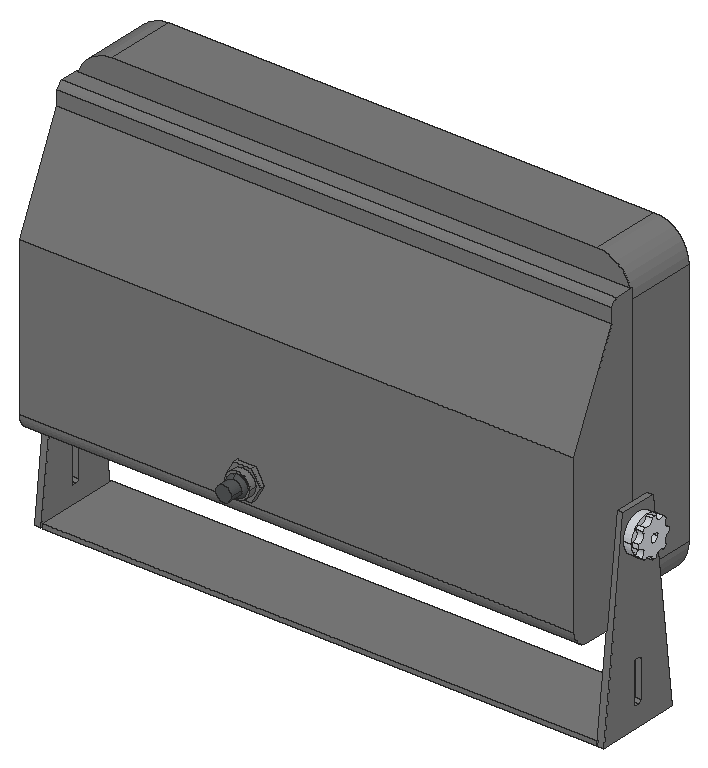
Revit family "WALL WASHER PRO_LV363WW.60", category Luminarias, Revit 2019 (continued)
Forms (mm)
  Extrusion 6, solid
    sketch origin (-19.132, 0, -81.925) x (0, 1, 0) y (0, 0, 1)
      loop
        arc (-11.7, 212.051) -> (-10.607, 210.832) -> (-9.387, 209.739) r 15
        arc (-9.387, 209.739) -> (-4.461, 210.669) -> (-1.635, 206.528) r 4.579
        arc (-1.635, 206.528) -> (0, 206.438) -> (1.635, 206.528) r 15
        arc (1.635, 206.528) -> (4.461, 210.669) -> (9.387, 209.739) r 4.579
        arc (9.387, 209.739) -> (10.607, 210.832) -> (11.7, 212.051) r 15
        arc (11.7, 212.051) -> (10.77, 216.977) -> (14.911, 219.803) r 4.579
      loop
        circle (0, 221.438) r 3.632
    from -220.417 to -214.676
  Extrusion 7, solid
    sketch origin (19.132, 0, -2.987) x (0, 1, 0) y (0, 0, 1)
      loop
        circle (0, 142.5) r 15
    from 207.368 to 214.676
  Extrusion 8, solid
    sketch origin (19.132, 0, -81.925) x (0, 1, 0) y (0, 0, -1)
      loop
        arc (14.911, -219.803) -> (10.77, -216.977) -> (11.7, -212.051) r 4.579
        arc (11.7, -212.051) -> (10.607, -210.832) -> (9.387, -209.739) r 15
        arc (9.387, -209.739) -> (4.461, -210.669) -> (1.635, -206.528) r 4.579
        arc (1.635, -206.528) -> (0, -206.438) -> (-1.635, -206.528) r 15
        arc (-1.635, -206.528) -> (-4.461, -210.669) -> (-9.387, -209.739) r 4.579
        arc (-9.387, -209.739) -> (-10.607, -210.832) -> (-11.7, -212.051) r 15
        arc (-11.7, -212.051) -> (-10.77, -216.977) -> (-14.911, -219.803) r 4.579
        arc (-14.911, -219.803) -> (-15, -221.438) -> (-14.911, -223.073) r 15
        arc (-14.911, -223.073) -> (-10.77, -225.899) -> (-11.7, -230.825) r 4.579
        arc (-11.7, -230.825) -> (-10.607, -232.045) -> (-9.387, -233.138) r 15
        arc (-9.387, -233.138) -> (-4.461, -232.208) -> (-1.635, -236.349) r 4.579
        arc (-1.635, -236.349) -> (0, -236.438) -> (1.635, -236.349) r 15
        arc (1.635, -236.349) -> (4.461, -232.208) -> (9.387, -233.138) r 4.579
        arc (9.387, -233.138) -> (10.607, -232.045) -> (11.7, -230.825) r 15
        arc (11.7, -230.825) -> (10.77, -225.899) -> (14.911, -223.073) r 4.579
        arc (14.911, -223.073) -> (15, -221.438) -> (14.911, -219.803) r 15
      loop
        circle (0, -221.438) r 3.632
    from -220.417 to -214.676
  Revolve 9, solid
    sketch origin (129.972, -248.577, 269.956) x (-1, 0, 0) y (0, -1, 0)
      loop
        line (-30.028, -289.911) -> (-30.028, -286.113) -> (-40.845, -286.113)
        arc (-40.845, -286.113) -> (-35.744, -288.888) -> (-30.028, -289.911) r 18.17
      axis (-30.028, -286.113) -> (-30.028, -289.911)
    angle from 0 to 360
  Revolve 10, solid
    sketch origin (-158.028, -248.577, 269.956) x (-1, 0, 0) y (0, -1, 0)
      loop
        line (-30.028, -289.911) -> (-30.028, -286.113) -> (-40.845, -286.113)
        arc (-40.845, -286.113) -> (-35.744, -288.888) -> (-30.028, -289.911) r 18.17
      axis (-30.028, -286.113) -> (-30.028, -289.911)
    angle from 0 to 360
  Revolve 11, solid
    sketch origin (-126.028, -248.577, 269.956) x (-1, 0, 0) y (0, -1, 0)
      loop
        line (-30.028, -289.911) -> (-30.028, -286.113) -> (-40.845, -286.113)
        arc (-40.845, -286.113) -> (-35.744, -288.888) -> (-30.028, -289.911) r 18.17
      axis (-30.028, -286.113) -> (-30.028, -289.911)
    angle from 0 to 360
  Revolve 12, solid
    sketch origin (-94.028, -248.577, 269.956) x (-1, 0, 0) y (0, -1, 0)
      loop
        line (-30.028, -289.911) -> (-30.028, -286.113) -> (-40.845, -286.113)
        arc (-40.845, -286.113) -> (-35.744, -288.888) -> (-30.028, -289.911) r 18.17
      axis (-30.028, -286.113) -> (-30.028, -289.911)
    angle from 0 to 360
  Revolve 13, solid
    sketch origin (-62.028, -248.577, 269.956) x (-1, 0, 0) y (0, -1, 0)
      loop
        line (-30.028, -289.911) -> (-30.028, -286.113) -> (-40.845, -286.113)
        arc (-40.845, -286.113) -> (-35.744, -288.888) -> (-30.028, -289.911) r 18.17
      axis (-30.028, -286.113) -> (-30.028, -289.911)
    angle from 0 to 360
  Revolve 14, solid
    sketch origin (-30.028, -248.577, 269.956) x (-1, 0, 0) y (0, -1, 0)
      loop
        line (-30.028, -289.911) -> (-30.028, -286.113) -> (-40.845, -286.113)
        arc (-40.845, -286.113) -> (-35.744, -288.888) -> (-30.028, -289.911) r 18.17
      axis (-30.028, -286.113) -> (-30.028, -289.911)
    angle from 0 to 360
  Revolve 15, solid
    sketch origin (1.972, -248.577, 269.956) x (-1, 0, 0) y (0, -1, 0)
      loop
        line (-30.028, -289.911) -> (-30.028, -286.113) -> (-40.845, -286.113)
        arc (-40.845, -286.113) -> (-35.744, -288.888) -> (-30.028, -289.911) r 18.17
      axis (-30.028, -286.113) -> (-30.028, -289.911)
    angle from 0 to 360
  Revolve 16, solid
    sketch origin (33.972, -248.577, 269.956) x (-1, 0, 0) y (0, -1, 0)
      loop
        line (-30.028, -289.911) -> (-30.028, -286.113) -> (-40.845, -286.113)
        arc (-40.845, -286.113) -> (-35.744, -288.888) -> (-30.028, -289.911) r 18.17
      axis (-30.028, -286.113) -> (-30.028, -289.911)
    angle from 0 to 360
  Revolve 17, solid
    sketch origin (65.972, -248.577, 269.956) x (-1, 0, 0) y (0, -1, 0)
      loop
        line (-30.028, -289.911) -> (-30.028, -286.113) -> (-40.845, -286.113)
        arc (-40.845, -286.113) -> (-35.744, -288.888) -> (-30.028, -289.911) r 18.17
      axis (-30.028, -286.113) -> (-30.028, -289.911)
    angle from 0 to 360
  Revolve 18, solid
    sketch origin (97.972, -248.577, 269.956) x (-1, 0, 0) y (0, -1, 0)
      loop
        line (-30.028, -289.911) -> (-30.028, -286.113) -> (-40.845, -286.113)
        arc (-40.845, -286.113) -> (-35.744, -288.888) -> (-30.028, -289.911) r 18.17
      axis (-30.028, -286.113) -> (-30.028, -289.911)
    angle from 0 to 360
  Revolve 19, solid
    sketch origin (-190.028, -248.577, 229.956) x (-1, 0, 0) y (0, -1, 0)
      loop
        line (-30.028, -289.911) -> (-30.028, -286.113) -> (-40.845, -286.113)
        arc (-40.845, -286.113) -> (-35.744, -288.888) -> (-30.028, -289.911) r 18.17
      axis (-30.028, -286.113) -> (-30.028, -289.911)
    angle from 0 to 360
  Revolve 20, solid
    sketch origin (129.972, -248.577, 229.956) x (-1, 0, 0) y (0, -1, 0)
      loop
        line (-30.028, -289.911) -> (-30.028, -286.113) -> (-40.845, -286.113)
        arc (-40.845, -286.113) -> (-35.744, -288.888) -> (-30.028, -289.911) r 18.17
      axis (-30.028, -286.113) -> (-30.028, -289.911)
    angle from 0 to 360
  Revolve 21, solid
    sketch origin (-158.028, -248.577, 229.956) x (-1, 0, 0) y (0, -1, 0)
      loop
        line (-30.028, -289.911) -> (-30.028, -286.113) -> (-40.845, -286.113)
        arc (-40.845, -286.113) -> (-35.744, -288.888) -> (-30.028, -289.911) r 18.17
      axis (-30.028, -286.113) -> (-30.028, -289.911)
    angle from 0 to 360
  Revolve 22, solid
    sketch origin (-126.028, -248.577, 229.956) x (-1, 0, 0) y (0, -1, 0)
      loop
        line (-30.028, -289.911) -> (-30.028, -286.113) -> (-40.845, -286.113)
        arc (-40.845, -286.113) -> (-35.744, -288.888) -> (-30.028, -289.911) r 18.17
      axis (-30.028, -286.113) -> (-30.028, -289.911)
    angle from 0 to 360
  Revolve 23, solid
    sketch origin (-94.028, -248.577, 229.956) x (-1, 0, 0) y (0, -1, 0)
      loop
        line (-30.028, -289.911) -> (-30.028, -286.113) -> (-40.845, -286.113)
        arc (-40.845, -286.113) -> (-35.744, -288.888) -> (-30.028, -289.911) r 18.17
      axis (-30.028, -286.113) -> (-30.028, -289.911)
    angle from 0 to 360
  Revolve 24, solid
    sketch origin (-62.028, -248.577, 229.956) x (-1, 0, 0) y (0, -1, 0)
      loop
        line (-30.028, -289.911) -> (-30.028, -286.113) -> (-40.845, -286.113)
        arc (-40.845, -286.113) -> (-35.744, -288.888) -> (-30.028, -289.911) r 18.17
      axis (-30.028, -286.113) -> (-30.028, -289.911)
    angle from 0 to 360
  Revolve 25, solid
    sketch origin (-30.028, -248.577, 229.956) x (-1, 0, 0) y (0, -1, 0)
      loop
        line (-30.028, -289.911) -> (-30.028, -286.113) -> (-40.845, -286.113)
        arc (-40.845, -286.113) -> (-35.744, -288.888) -> (-30.028, -289.911) r 18.17
      axis (-30.028, -286.113) -> (-30.028, -289.911)
    angle from 0 to 360
  Revolve 26, solid
    sketch origin (1.972, -248.577, 229.956) x (-1, 0, 0) y (0, -1, 0)
      loop
        line (-30.028, -289.911) -> (-30.028, -286.113) -> (-40.845, -286.113)
        arc (-40.845, -286.113) -> (-35.744, -288.888) -> (-30.028, -289.911) r 18.17
      axis (-30.028, -286.113) -> (-30.028, -289.911)
    angle from 0 to 360
  Revolve 27, solid
    sketch origin (33.972, -248.577, 229.956) x (-1, 0, 0) y (0, -1, 0)
      loop
        line (-30.028, -289.911) -> (-30.028, -286.113) -> (-40.845, -286.113)
        arc (-40.845, -286.113) -> (-35.744, -288.888) -> (-30.028, -289.911) r 18.17
      axis (-30.028, -286.113) -> (-30.028, -289.911)
    angle from 0 to 360
  Revolve 28, solid
    sketch origin (65.972, -248.577, 229.956) x (-1, 0, 0) y (0, -1, 0)
      loop
        line (-30.028, -289.911) -> (-30.028, -286.113) -> (-40.845, -286.113)
        arc (-40.845, -286.113) -> (-35.744, -288.888) -> (-30.028, -289.911) r 18.17
      axis (-30.028, -286.113) -> (-30.028, -289.911)
    angle from 0 to 360
  Revolve 29, solid
    sketch origin (97.972, -248.577, 229.956) x (-1, 0, 0) y (0, -1, 0)
      loop
        line (-30.028, -289.911) -> (-30.028, -286.113) -> (-40.845, -286.113)
        arc (-40.845, -286.113) -> (-35.744, -288.888) -> (-30.028, -289.911) r 18.17
      axis (-30.028, -286.113) -> (-30.028, -289.911)
    angle from 0 to 360
  Revolve 30, solid
    sketch origin (-190.028, -248.577, 189.956) x (-1, 0, 0) y (0, -1, 0)
      loop
        line (-30.028, -289.911) -> (-30.028, -286.113) -> (-40.845, -286.113)
        arc (-40.845, -286.113) -> (-35.744, -288.888) -> (-30.028, -289.911) r 18.17
      axis (-30.028, -286.113) -> (-30.028, -289.911)
    angle from 0 to 360
  Revolve 31, solid
    sketch origin (129.972, -248.577, 189.956) x (-1, 0, 0) y (0, -1, 0)
      loop
        line (-30.028, -289.911) -> (-30.028, -286.113) -> (-40.845, -286.113)
        arc (-40.845, -286.113) -> (-35.744, -288.888) -> (-30.028, -289.911) r 18.17
      axis (-30.028, -286.113) -> (-30.028, -289.911)
    angle from 0 to 360
  Revolve 32, solid
    sketch origin (-158.028, -248.577, 189.956) x (-1, 0, 0) y (0, -1, 0)
      loop
        line (-30.028, -289.911) -> (-30.028, -286.113) -> (-40.845, -286.113)
        arc (-40.845, -286.113) -> (-35.744, -288.888) -> (-30.028, -289.911) r 18.17
      axis (-30.028, -286.113) -> (-30.028, -289.911)
    angle from 0 to 360
  Revolve 33, solid
    sketch origin (-126.028, -248.577, 189.956) x (-1, 0, 0) y (0, -1, 0)
      loop
        line (-30.028, -289.911) -> (-30.028, -286.113) -> (-40.845, -286.113)
        arc (-40.845, -286.113) -> (-35.744, -288.888) -> (-30.028, -289.911) r 18.17
      axis (-30.028, -286.113) -> (-30.028, -289.911)
    angle from 0 to 360
  Revolve 34, solid
    sketch origin (-94.028, -248.577, 189.956) x (-1, 0, 0) y (0, -1, 0)
      loop
        line (-30.028, -289.911) -> (-30.028, -286.113) -> (-40.845, -286.113)
        arc (-40.845, -286.113) -> (-35.744, -288.888) -> (-30.028, -289.911) r 18.17
      axis (-30.028, -286.113) -> (-30.028, -289.911)
    angle from 0 to 360
  Revolve 35, solid
    sketch origin (-62.028, -248.577, 189.956) x (-1, 0, 0) y (0, -1, 0)
      loop
        line (-30.028, -289.911) -> (-30.028, -286.113) -> (-40.845, -286.113)
        arc (-40.845, -286.113) -> (-35.744, -288.888) -> (-30.028, -289.911) r 18.17
      axis (-30.028, -286.113) -> (-30.028, -289.911)
    angle from 0 to 360
  Revolve 36, solid
    sketch origin (-30.028, -248.577, 189.956) x (-1, 0, 0) y (0, -1, 0)
      loop
        line (-30.028, -289.911) -> (-30.028, -286.113) -> (-40.845, -286.113)
        arc (-40.845, -286.113) -> (-35.744, -288.888) -> (-30.028, -289.911) r 18.17
      axis (-30.028, -286.113) -> (-30.028, -289.911)
    angle from 0 to 360
  Revolve 37, solid
    sketch origin (1.972, -248.577, 189.956) x (-1, 0, 0) y (0, -1, 0)
      loop
        line (-30.028, -289.911) -> (-30.028, -286.113) -> (-40.845, -286.113)
        arc (-40.845, -286.113) -> (-35.744, -288.888) -> (-30.028, -289.911) r 18.17
      axis (-30.028, -286.113) -> (-30.028, -289.911)
    angle from 0 to 360
  Revolve 38, solid
    sketch origin (33.972, -248.577, 189.956) x (-1, 0, 0) y (0, -1, 0)
      loop
        line (-30.028, -289.911) -> (-30.028, -286.113) -> (-40.845, -286.113)
        arc (-40.845, -286.113) -> (-35.744, -288.888) -> (-30.028, -289.911) r 18.17
      axis (-30.028, -286.113) -> (-30.028, -289.911)
    angle from 0 to 360
  Revolve 39, solid
    sketch origin (65.972, -248.577, 189.956) x (-1, 0, 0) y (0, -1, 0)
      loop
        line (-30.028, -289.911) -> (-30.028, -286.113) -> (-40.845, -286.113)
        arc (-40.845, -286.113) -> (-35.744, -288.888) -> (-30.028, -289.911) r 18.17
      axis (-30.028, -286.113) -> (-30.028, -289.911)
    angle from 0 to 360
  Revolve 40, solid
    sketch origin (97.972, -248.577, 189.956) x (-1, 0, 0) y (0, -1, 0)
      loop
        line (-30.028, -289.911) -> (-30.028, -286.113) -> (-40.845, -286.113)
        arc (-40.845, -286.113) -> (-35.744, -288.888) -> (-30.028, -289.911) r 18.17
      axis (-30.028, -286.113) -> (-30.028, -289.911)
    angle from 0 to 360
  Revolve 41, solid
    sketch origin (-47.023, -248.577, 137.648) x (-1, 0, 0) y (0, -1, 0)
      loop
        line (-30.028, -289.911) -> (-30.028, -286.113) -> (-36.879, -286.113)
        arc (-36.879, -286.113) -> (-33.928, -288.868) -> (-30.028, -289.911) r 8.331
      axis (-30.028, -286.113) -> (-30.028, -289.911)
    angle from 0 to 360
  Revolve 42, solid
    sketch origin (-69.28, -248.577, 137.648) x (-1, 0, 0) y (0, -1, 0)
      loop
        line (-30.028, -289.911) -> (-30.028, -286.113) -> (-36.879, -286.113)
        arc (-36.879, -286.113) -> (-33.928, -288.868) -> (-30.028, -289.911) r 8.331
      axis (-30.028, -286.113) -> (-30.028, -289.911)
    angle from 0 to 360
  Revolve 43, solid
    sketch origin (47.023, -248.577, 137.648) x (1, 0, 0) y (0, 1, 0)
      loop
        arc (-30.028, 289.911) -> (-33.928, 288.868) -> (-36.879, 286.113) r 8.331
        line (-36.879, 286.113) -> (-30.028, 286.113) -> (-30.028, 289.911)
      axis (-30.028, 286.113) -> (-30.028, 289.911)
    angle from 0 to 360
  Revolve 44, solid
    sketch origin (69.28, -248.577, 137.648) x (1, 0, 0) y (0, 1, 0)
      loop
        arc (-30.028, 289.911) -> (-33.928, 288.868) -> (-36.879, 286.113) r 8.331
        line (-36.879, 286.113) -> (-30.028, 286.113) -> (-30.028, 289.911)
      axis (-30.028, 286.113) -> (-30.028, 289.911)
    angle from 0 to 360
  Extrusion 45, solid, material "Aluminio"
    sketch origin (0, 0, 0) x (0, 1, 0) y (0, 0, 1)
      loop
        line (34.275, 0) -> (14.671, 159.662) -> (-14.671, 159.662) -> (-34.275, 0) -> (34.275, 0)
      loop
        arc (-1.599, 49.837) -> (-3.167, 49.187) -> (-3.816, 47.62) r 2.217
        line (-3.816, 47.62) -> (-3.816, 18.226)
        arc (-3.816, 18.226) -> (-3.167, 16.658) -> (-1.599, 16.009) r 2.217
        line (-1.599, 16.009) -> (1.599, 16.009)
        arc (1.599, 16.009) -> (3.167, 16.658) -> (3.816, 18.226) r 2.217
        line (3.816, 18.226) -> (3.816, 47.62)
        arc (3.816, 47.62) -> (3.167, 49.187) -> (1.599, 49.837) r 2.217
        line (1.599, 49.837) -> (-1.599, 49.837)
    from -226.5 to -221.5
  Extrusion 46, solid, material "Aluminio"
    sketch origin (0, -3.816, 57.007) x (1, 0, 0) y (0, 0, 1)
      loop
        circle (-39.253, 51.253) r 10
    from 57 to 62.744
  Extrusion 47, solid, material "Aluminio"
    sketch origin (0, -3.816, 50.757) x (1, 0, 0) y (0, 0, 1)
      loop
        line (-46.239, 69.604) -> (-53.226, 57.503) -> (-46.239, 45.402) -> (-32.266, 45.402) -> (-25.28, 57.503) -> (-32.266, 69.604) -> (-46.239, 69.604)
    from 53.184 to 57
  Revolve 48, solid, material "Plastico"
    sketch origin (-39.253, -3.816, 50.757) x (0, 0, 1) y (0, -1, 0)
      loop
        line (57.503, 62.744) -> (65.76, 62.744)
        spline (65.76, 62.744) -> (65.69, 63.494) -> (65.479, 64.231) -> (65.132, 64.942) -> (64.654, 65.616) -> (64.054, 66.241) -> (63.342, 66.806) -> (62.53, 67.301) -> (61.632, 67.719) -> (60.663, 68.051) -> (59.64, 68.293) -> (58.581, 68.439) -> (57.503, 68.488)
        line (57.503, 68.488) -> (57.503, 62.744)
      axis (57.503, 62.744) -> (57.503, 68.488)
    angle from 0 to 360
  Extrusion 49, solid, material "Plastico"
    sketch origin (0, -3.816, 80.757) x (1, 0, 0) y (0, 0, 1)
      loop
        circle (-39.253, 27.503) r 6.192
    from 62.744 to 76.136
  Extrusion 50, solid, material "Aluminio"
    sketch origin (0, 0, 0) x (1, 0, 0) y (0, 0, 1)
      loop
        arc (-192.411, 330.5) -> (-211.856, 322.445) -> (-219.911, 303) r 27.5
        line (-219.911, 303) -> (-219.911, 105.401)
        arc (-219.911, 105.401) -> (-211.856, 85.955) -> (-192.411, 77.901) r 27.5
        line (-192.411, 77.901) -> (194, 77.901)
        arc (194, 77.901) -> (213.445, 85.955) -> (221.5, 105.401) r 27.5
        line (221.5, 105.401) -> (221.5, 303)
        arc (221.5, 303) -> (213.445, 322.445) -> (194, 330.5) r 27.5
        line (194, 330.5) -> (-192.411, 330.5)
      loop
        arc (-173.287, 311.344) -> (-190.963, 304.022) -> (-198.284, 286.347) r 24.997
        line (-198.284, 286.347) -> (-198.284, 130.402)
        arc (-198.284, 130.402) -> (-190.963, 112.726) -> (-173.287, 105.405) r 24.997
        line (-173.287, 105.405) -> (173.269, 105.405)
        arc (173.269, 105.405) -> (190.938, 112.724) -> (198.258, 130.394) r 24.989
        line (198.258, 130.394) -> (198.258, 286.36)
        arc (198.258, 286.36) -> (190.94, 304.026) -> (173.273, 311.344) r 24.984
        line (173.273, 311.344) -> (-173.287, 311.344)
    from -57 to 0
  Extrusion 51, solid, material "Cristal"
    sketch origin (0, 0, 0) x (1, 0, 0) y (0, 0, 1)
      loop
        arc (-170.787, 311.343) -> (-188.463, 304.022) -> (-195.784, 286.347) r 24.997
        line (-195.784, 286.347) -> (-195.784, 132.902)
        arc (-195.784, 132.902) -> (-188.463, 115.227) -> (-170.787, 107.906) r 24.996
        line (-170.787, 107.906) -> (170.771, 107.906)
        arc (170.771, 107.906) -> (188.445, 115.226) -> (195.765, 132.9) r 24.994
        line (195.765, 132.9) -> (195.765, 286.348)
        arc (195.765, 286.348) -> (188.444, 304.022) -> (170.77, 311.343) r 24.995
        line (170.77, 311.343) -> (-170.787, 311.343)
    from -57 to -54.932
Dimensions and locks
  equal spacing: plane 4, plane 3 "Centro (Izquierda/Derecha)", plane 5
  plane 4 to plane 5 = 453 mm
  plane 4 to plane 3 "Centro (Izquierda/Derecha)" = 226.5 mm
  plane 6 to plane 2 = 333 mm
  plane 6 to level = 333 mm
  plane 5 to plane 4 = 453 mm
  equal spacing: plane 9, plane 1 "Centro (Frontal/Posterior)", plane 8
  plane 9 to plane 8 = 114 mm
  plane 9 to plane 1 "Centro (Frontal/Posterior)" = 57 mm
  Extrusion 3 to Extrusion 3 = 3.546 mm
  Extrusion 2 to Extrusion 2 = 5 mm
  plane 3 "Centro (Izquierda/Derecha)" to plane 4 = 226.5 mm
  aligned and locked: level to plane 2
  aligned and locked: plane 5 to Extrusion 2
  aligned and locked: Extrusion 49 to Revolve 48
  aligned and locked: Extrusion 46 to Revolve 48
  aligned and locked: Extrusion 50 sketch curve to Extrusion 1  (x3)
  aligned and locked: Extrusion 50 to plane 8
Automatic sketch dimensions
  Extrusion 1 sketch curve to plane 9 = 0 mm
  Extrusion 1 sketch curve to plane 6 = 21.656 mm
  Extrusion 1 sketch curve to plane 1 "Centro (Frontal/Posterior)" = 0 mm
  plane 9 to Extrusion 1 sketch curve = 12.901 mm
  plane 1 "Centro (Frontal/Posterior)" to Extrusion 1 sketch curve = 19.973 mm
  Extrusion 1 sketch curve to Extrusion 1 sketch curve = 4.973 mm
  plane 1 "Centro (Frontal/Posterior)" to Extrusion 1 sketch curve = 9.321 mm
  Extrusion 1 sketch curve to plane 6 = 26.629 mm
  Extrusion 1 sketch curve to Extrusion 1 sketch curve = 11.359 mm
  Extrusion 1 sketch curve to Extrusion 1 sketch curve = 79.405 mm
  level to Extrusion 1 sketch curve = 90.801 mm
  Extrusion 2 sketch curve to level = 0 mm
  plane 9 to Extrusion 2 sketch curve = 22.725 mm
  plane 1 "Centro (Frontal/Posterior)" to Extrusion 2 sketch curve = 14.671 mm
  plane 1 "Centro (Frontal/Posterior)" to Extrusion 2 sketch curve = 3.816 mm
  plane 1 "Centro (Frontal/Posterior)" to Extrusion 2 sketch curve = 1.599 mm  (x2)
  Extrusion 2 sketch curve to plane 1 "Centro (Frontal/Posterior)" = 1.599 mm  (x2)
  Extrusion 2 sketch curve to Extrusion 2 sketch curve = 2.217 mm
  Extrusion 2 sketch curve to plane 1 "Centro (Frontal/Posterior)" = 14.671 mm
  plane 8 to Extrusion 2 sketch curve = 22.725 mm
  level to Extrusion 2 sketch curve = 16.009 mm
  Extrusion 2 sketch curve to Extrusion 2 sketch curve = 29.393 mm
  Extrusion 2 sketch curve to Extrusion 2 sketch curve = 109.825 mm
  plane 9 to Extrusion 3 sketch curve = 22.725 mm
  plane 8 to Extrusion 3 sketch curve = 22 mm
  plane 8 to Revolve 4 sketch curve = 19.464 mm
  plane 4 to Revolve 4 sketch curve = 77.318 mm
  Revolve 4 sketch curve to Revolve 4 sketch curve = 10.818 mm
  Revolve 4 sketch curve to Revolve 4 sketch curve = 0.303 mm
  Revolve 4 sketch curve to Revolve 4 sketch curve = 3.798 mm
  Revolve 4 sketch curve to Revolve 4 sketch curve = 0 mm
  Revolve 4 sketch curve to Revolve 4 sketch curve = 1.294 mm
  Revolve 4 sketch curve to plane 8 = 13.163 mm
  Extrusion 5 sketch curve to plane 1 "Centro (Frontal/Posterior)" = 0 mm
  level to Extrusion 5 sketch curve = 139.513 mm
  Extrusion 6 sketch curve to Extrusion 6 sketch curve = 0 mm  (x77)
  Extrusion 6 sketch curve to plane 1 "Centro (Frontal/Posterior)" = 0 mm
  plane 1 "Centro (Frontal/Posterior)" to Extrusion 6 sketch curve = 6.213 mm  (x2)
  Extrusion 6 sketch curve to Extrusion 6 sketch curve = 8.787 mm  (x5)
  Extrusion 6 sketch curve to plane 1 "Centro (Frontal/Posterior)" = 6.213 mm  (x2)
  level to Extrusion 6 sketch curve = 124.513 mm
  Extrusion 6 sketch curve to Extrusion 6 sketch curve = 15 mm
  Extrusion 6 sketch curve to Extrusion 6 sketch curve = 12.426 mm  (x2)
  plane 1 "Centro (Frontal/Posterior)" to Extrusion 6 sketch curve = 1.635 mm  (x2)
  Extrusion 6 sketch curve to Extrusion 6 sketch curve = 3.174 mm  (x4)
  Extrusion 6 sketch curve to Extrusion 6 sketch curve = 2.312 mm  (x4)
  Extrusion 6 sketch curve to Extrusion 6 sketch curve = 0.089 mm  (x3)
  Extrusion 6 sketch curve to plane 1 "Centro (Frontal/Posterior)" = 1.635 mm  (x2)
  Extrusion 7 sketch curve to plane 1 "Centro (Frontal/Posterior)" = 0 mm
  level to Extrusion 7 sketch curve = 139.513 mm
  Extrusion 8 sketch curve to Extrusion 8 sketch curve = 0 mm  (x77)
  Extrusion 8 sketch curve to plane 1 "Centro (Frontal/Posterior)" = 0 mm
  plane 1 "Centro (Frontal/Posterior)" to Extrusion 8 sketch curve = 6.213 mm  (x2)
  Extrusion 8 sketch curve to Extrusion 8 sketch curve = 8.787 mm  (x5)
  Extrusion 8 sketch curve to plane 1 "Centro (Frontal/Posterior)" = 6.213 mm  (x2)
  level to Extrusion 8 sketch curve = 154.513 mm
  Extrusion 8 sketch curve to Extrusion 8 sketch curve = 15 mm
  Extrusion 8 sketch curve to Extrusion 8 sketch curve = 12.426 mm  (x2)
  plane 1 "Centro (Frontal/Posterior)" to Extrusion 8 sketch curve = 1.635 mm  (x2)
  Extrusion 8 sketch curve to Extrusion 8 sketch curve = 3.174 mm  (x4)
  Extrusion 8 sketch curve to Extrusion 8 sketch curve = 2.312 mm  (x4)
  Extrusion 8 sketch curve to Extrusion 8 sketch curve = 0.089 mm  (x3)
  Extrusion 8 sketch curve to plane 1 "Centro (Frontal/Posterior)" = 1.635 mm  (x2)
  plane 8 to Revolve 9 sketch curve = 19.464 mm
  Revolve 9 sketch curve to plane 5 = 55.682 mm
  Revolve 9 sketch curve to Revolve 9 sketch curve = 10.818 mm
  Revolve 9 sketch curve to Revolve 9 sketch curve = 0.303 mm
  Revolve 9 sketch curve to Revolve 9 sketch curve = 3.798 mm
  Revolve 9 sketch curve to Revolve 9 sketch curve = 0 mm
  Revolve 9 sketch curve to Revolve 9 sketch curve = 1.294 mm
  Revolve 9 sketch curve to plane 8 = 13.163 mm
  plane 8 to Revolve 10 sketch curve = 19.464 mm
  Revolve 10 sketch curve to plane 10 "IZQ" = 77.929 mm
  Revolve 10 sketch curve to Revolve 10 sketch curve = 10.818 mm
  Revolve 10 sketch curve to Revolve 10 sketch curve = 0.303 mm
  Revolve 10 sketch curve to Revolve 10 sketch curve = 3.798 mm
  Revolve 10 sketch curve to Revolve 10 sketch curve = 0 mm
  Revolve 10 sketch curve to Revolve 10 sketch curve = 1.294 mm
  Revolve 10 sketch curve to plane 8 = 13.163 mm
  plane 8 to Revolve 11 sketch curve = 19.464 mm
  Revolve 11 sketch curve to plane 10 "IZQ" = 45.929 mm
  Revolve 11 sketch curve to Revolve 11 sketch curve = 10.818 mm
  Revolve 11 sketch curve to Revolve 11 sketch curve = 0.303 mm
  Revolve 11 sketch curve to Revolve 11 sketch curve = 3.798 mm
  Revolve 11 sketch curve to Revolve 11 sketch curve = 0 mm
  Revolve 11 sketch curve to Revolve 11 sketch curve = 1.294 mm
  Revolve 11 sketch curve to plane 8 = 13.163 mm
  Revolve 12 sketch curve to plane 10 "IZQ" = 13.929 mm
  Revolve 12 sketch curve to Revolve 12 sketch curve = 10.818 mm
  Revolve 12 sketch curve to Revolve 12 sketch curve = 0.303 mm
  plane 8 to Revolve 12 sketch curve = 15.666 mm
  Revolve 12 sketch curve to Revolve 12 sketch curve = 3.798 mm
  Revolve 12 sketch curve to Revolve 12 sketch curve = 0 mm
  Revolve 12 sketch curve to Revolve 12 sketch curve = 1.294 mm
  Revolve 12 sketch curve to plane 8 = 13.163 mm
  plane 10 "IZQ" to Revolve 13 sketch curve = 18.071 mm
  plane 10 "IZQ" to Revolve 13 sketch curve = 7.253 mm
  plane 10 "IZQ" to Revolve 13 sketch curve = 6.95 mm
  plane 8 to Revolve 13 sketch curve = 15.666 mm
  Revolve 13 sketch curve to Revolve 13 sketch curve = 3.798 mm
  Revolve 13 sketch curve to Revolve 13 sketch curve = 0 mm
  Revolve 13 sketch curve to Revolve 13 sketch curve = 1.294 mm
  Revolve 13 sketch curve to plane 8 = 13.163 mm
  Revolve 14 sketch curve to plane 3 "Centro (Izquierda/Derecha)" = 0 mm  (x2)
  Revolve 14 sketch curve to Revolve 14 sketch curve = 10.818 mm
  Revolve 14 sketch curve to plane 3 "Centro (Izquierda/Derecha)" = 0.303 mm
  plane 8 to Revolve 14 sketch curve = 15.666 mm
  Revolve 14 sketch curve to Revolve 14 sketch curve = 3.798 mm
  Revolve 14 sketch curve to Revolve 14 sketch curve = 1.294 mm
  Revolve 14 sketch curve to plane 8 = 13.163 mm
  plane 8 to Revolve 15 sketch curve = 19.464 mm
  plane 3 "Centro (Izquierda/Derecha)" to Revolve 15 sketch curve = 42.818 mm
  Revolve 15 sketch curve to Revolve 15 sketch curve = 10.818 mm
  Revolve 15 sketch curve to Revolve 15 sketch curve = 0.303 mm
  Revolve 15 sketch curve to Revolve 15 sketch curve = 3.798 mm
  Revolve 15 sketch curve to Revolve 15 sketch curve = 0 mm
  Revolve 15 sketch curve to Revolve 15 sketch curve = 1.294 mm
  Revolve 15 sketch curve to plane 8 = 13.163 mm
  plane 8 to Revolve 16 sketch curve = 19.464 mm
  plane 3 "Centro (Izquierda/Derecha)" to Revolve 16 sketch curve = 74.818 mm
  Revolve 16 sketch curve to Revolve 16 sketch curve = 10.818 mm
  Revolve 16 sketch curve to Revolve 16 sketch curve = 0.303 mm
  Revolve 16 sketch curve to Revolve 16 sketch curve = 3.798 mm
  Revolve 16 sketch curve to Revolve 16 sketch curve = 0 mm
  Revolve 16 sketch curve to Revolve 16 sketch curve = 1.294 mm
  Revolve 16 sketch curve to plane 8 = 13.163 mm
  plane 8 to Revolve 17 sketch curve = 19.464 mm
  plane 3 "Centro (Izquierda/Derecha)" to Revolve 17 sketch curve = 106.818 mm
  Revolve 17 sketch curve to Revolve 17 sketch curve = 10.818 mm
  Revolve 17 sketch curve to Revolve 17 sketch curve = 0.303 mm
  Revolve 17 sketch curve to Revolve 17 sketch curve = 3.798 mm
  Revolve 17 sketch curve to Revolve 17 sketch curve = 0 mm
  Revolve 17 sketch curve to Revolve 17 sketch curve = 1.294 mm
  Revolve 17 sketch curve to plane 8 = 13.163 mm
  plane 8 to Revolve 18 sketch curve = 19.464 mm
  Revolve 18 sketch curve to plane 5 = 87.682 mm
  Revolve 18 sketch curve to Revolve 18 sketch curve = 10.818 mm
  Revolve 18 sketch curve to Revolve 18 sketch curve = 0.303 mm
  Revolve 18 sketch curve to Revolve 18 sketch curve = 3.798 mm
  Revolve 18 sketch curve to Revolve 18 sketch curve = 0 mm
  Revolve 18 sketch curve to Revolve 18 sketch curve = 1.294 mm
  Revolve 18 sketch curve to plane 8 = 13.163 mm
  plane 8 to Revolve 19 sketch curve = 19.464 mm
  plane 4 to Revolve 19 sketch curve = 77.318 mm
  Revolve 19 sketch curve to Revolve 19 sketch curve = 10.818 mm
  Revolve 19 sketch curve to Revolve 19 sketch curve = 0.303 mm
  Revolve 19 sketch curve to Revolve 19 sketch curve = 3.798 mm
  Revolve 19 sketch curve to Revolve 19 sketch curve = 0 mm
  Revolve 19 sketch curve to Revolve 19 sketch curve = 1.294 mm
  Revolve 19 sketch curve to plane 8 = 13.163 mm
  plane 8 to Revolve 20 sketch curve = 19.464 mm
  Revolve 20 sketch curve to plane 5 = 55.682 mm
  Revolve 20 sketch curve to Revolve 20 sketch curve = 10.818 mm
  Revolve 20 sketch curve to Revolve 20 sketch curve = 0.303 mm
  Revolve 20 sketch curve to Revolve 20 sketch curve = 3.798 mm
  Revolve 20 sketch curve to Revolve 20 sketch curve = 0 mm
  Revolve 20 sketch curve to Revolve 20 sketch curve = 1.294 mm
  Revolve 20 sketch curve to plane 8 = 13.163 mm
  plane 8 to Revolve 21 sketch curve = 19.464 mm
  Revolve 21 sketch curve to plane 10 "IZQ" = 77.929 mm
  Revolve 21 sketch curve to Revolve 21 sketch curve = 10.818 mm
  Revolve 21 sketch curve to Revolve 21 sketch curve = 0.303 mm
  Revolve 21 sketch curve to Revolve 21 sketch curve = 3.798 mm
  Revolve 21 sketch curve to Revolve 21 sketch curve = 0 mm
  Revolve 21 sketch curve to Revolve 21 sketch curve = 1.294 mm
  Revolve 21 sketch curve to plane 8 = 13.163 mm
  plane 8 to Revolve 22 sketch curve = 19.464 mm
  Revolve 22 sketch curve to plane 10 "IZQ" = 45.929 mm
  Revolve 22 sketch curve to Revolve 22 sketch curve = 10.818 mm
  Revolve 22 sketch curve to Revolve 22 sketch curve = 0.303 mm
  Revolve 22 sketch curve to Revolve 22 sketch curve = 3.798 mm
  Revolve 22 sketch curve to Revolve 22 sketch curve = 0 mm
  Revolve 22 sketch curve to Revolve 22 sketch curve = 1.294 mm
  Revolve 22 sketch curve to plane 8 = 13.163 mm
  Revolve 23 sketch curve to plane 10 "IZQ" = 13.929 mm
  Revolve 23 sketch curve to Revolve 23 sketch curve = 10.818 mm
  Revolve 23 sketch curve to Revolve 23 sketch curve = 0.303 mm
  plane 8 to Revolve 23 sketch curve = 15.666 mm
  Revolve 23 sketch curve to Revolve 23 sketch curve = 3.798 mm
  Revolve 23 sketch curve to Revolve 23 sketch curve = 0 mm
  Revolve 23 sketch curve to Revolve 23 sketch curve = 1.294 mm
  Revolve 23 sketch curve to plane 8 = 13.163 mm
  plane 10 "IZQ" to Revolve 24 sketch curve = 18.071 mm
  plane 10 "IZQ" to Revolve 24 sketch curve = 7.253 mm
  plane 10 "IZQ" to Revolve 24 sketch curve = 6.95 mm
  plane 8 to Revolve 24 sketch curve = 15.666 mm
  Revolve 24 sketch curve to Revolve 24 sketch curve = 3.798 mm
  Revolve 24 sketch curve to Revolve 24 sketch curve = 0 mm
  Revolve 24 sketch curve to Revolve 24 sketch curve = 1.294 mm
  Revolve 24 sketch curve to plane 8 = 13.163 mm
  Revolve 25 sketch curve to plane 3 "Centro (Izquierda/Derecha)" = 0 mm  (x2)
  Revolve 25 sketch curve to Revolve 25 sketch curve = 10.818 mm
  Revolve 25 sketch curve to plane 3 "Centro (Izquierda/Derecha)" = 0.303 mm
  plane 8 to Revolve 25 sketch curve = 15.666 mm
  Revolve 25 sketch curve to Revolve 25 sketch curve = 3.798 mm
  Revolve 25 sketch curve to Revolve 25 sketch curve = 1.294 mm
  Revolve 25 sketch curve to plane 8 = 13.163 mm
  plane 8 to Revolve 26 sketch curve = 19.464 mm
  plane 3 "Centro (Izquierda/Derecha)" to Revolve 26 sketch curve = 42.818 mm
  Revolve 26 sketch curve to Revolve 26 sketch curve = 10.818 mm
  Revolve 26 sketch curve to Revolve 26 sketch curve = 0.303 mm
  Revolve 26 sketch curve to Revolve 26 sketch curve = 3.798 mm
  Revolve 26 sketch curve to Revolve 26 sketch curve = 0 mm
  Revolve 26 sketch curve to Revolve 26 sketch curve = 1.294 mm
  Revolve 26 sketch curve to plane 8 = 13.163 mm
  plane 8 to Revolve 27 sketch curve = 19.464 mm
  plane 3 "Centro (Izquierda/Derecha)" to Revolve 27 sketch curve = 74.818 mm
  Revolve 27 sketch curve to Revolve 27 sketch curve = 10.818 mm
  Revolve 27 sketch curve to Revolve 27 sketch curve = 0.303 mm
  Revolve 27 sketch curve to Revolve 27 sketch curve = 3.798 mm
  Revolve 27 sketch curve to Revolve 27 sketch curve = 0 mm
  Revolve 27 sketch curve to Revolve 27 sketch curve = 1.294 mm
  Revolve 27 sketch curve to plane 8 = 13.163 mm
  plane 8 to Revolve 28 sketch curve = 19.464 mm
  plane 3 "Centro (Izquierda/Derecha)" to Revolve 28 sketch curve = 106.818 mm
  Revolve 28 sketch curve to Revolve 28 sketch curve = 10.818 mm
  Revolve 28 sketch curve to Revolve 28 sketch curve = 0.303 mm
  Revolve 28 sketch curve to Revolve 28 sketch curve = 3.798 mm
  Revolve 28 sketch curve to Revolve 28 sketch curve = 0 mm
  Revolve 28 sketch curve to Revolve 28 sketch curve = 1.294 mm
  Revolve 28 sketch curve to plane 8 = 13.163 mm
  plane 8 to Revolve 29 sketch curve = 19.464 mm
  Revolve 29 sketch curve to plane 5 = 87.682 mm
  Revolve 29 sketch curve to Revolve 29 sketch curve = 10.818 mm
  Revolve 29 sketch curve to Revolve 29 sketch curve = 0.303 mm
  Revolve 29 sketch curve to Revolve 29 sketch curve = 3.798 mm
  Revolve 29 sketch curve to Revolve 29 sketch curve = 0 mm
  Revolve 29 sketch curve to Revolve 29 sketch curve = 1.294 mm
  Revolve 29 sketch curve to plane 8 = 13.163 mm
  plane 8 to Revolve 30 sketch curve = 19.464 mm
  plane 4 to Revolve 30 sketch curve = 77.318 mm
  Revolve 30 sketch curve to Revolve 30 sketch curve = 10.818 mm
  Revolve 30 sketch curve to Revolve 30 sketch curve = 0.303 mm
  Revolve 30 sketch curve to Revolve 30 sketch curve = 3.798 mm
  Revolve 30 sketch curve to Revolve 30 sketch curve = 0 mm
  Revolve 30 sketch curve to Revolve 30 sketch curve = 1.294 mm
  Revolve 30 sketch curve to plane 8 = 13.163 mm
  plane 8 to Revolve 31 sketch curve = 19.464 mm
  Revolve 31 sketch curve to plane 5 = 55.682 mm
  Revolve 31 sketch curve to Revolve 31 sketch curve = 10.818 mm
  Revolve 31 sketch curve to Revolve 31 sketch curve = 0.303 mm
  Revolve 31 sketch curve to Revolve 31 sketch curve = 3.798 mm
  Revolve 31 sketch curve to Revolve 31 sketch curve = 0 mm
  Revolve 31 sketch curve to Revolve 31 sketch curve = 1.294 mm
  Revolve 31 sketch curve to plane 8 = 13.163 mm
  plane 8 to Revolve 32 sketch curve = 19.464 mm
  Revolve 32 sketch curve to plane 10 "IZQ" = 77.929 mm
  Revolve 32 sketch curve to Revolve 32 sketch curve = 10.818 mm
  Revolve 32 sketch curve to Revolve 32 sketch curve = 0.303 mm
  Revolve 32 sketch curve to Revolve 32 sketch curve = 3.798 mm
  Revolve 32 sketch curve to Revolve 32 sketch curve = 0 mm
  Revolve 32 sketch curve to Revolve 32 sketch curve = 1.294 mm
  Revolve 32 sketch curve to plane 8 = 13.163 mm
  plane 8 to Revolve 33 sketch curve = 19.464 mm
  Revolve 33 sketch curve to plane 10 "IZQ" = 45.929 mm
  Revolve 33 sketch curve to Revolve 33 sketch curve = 10.818 mm
  Revolve 33 sketch curve to Revolve 33 sketch curve = 0.303 mm
  Revolve 33 sketch curve to Revolve 33 sketch curve = 3.798 mm
  Revolve 33 sketch curve to Revolve 33 sketch curve = 0 mm
  Revolve 33 sketch curve to Revolve 33 sketch curve = 1.294 mm
  Revolve 33 sketch curve to plane 8 = 13.163 mm
  Revolve 34 sketch curve to plane 10 "IZQ" = 13.929 mm
  Revolve 34 sketch curve to Revolve 34 sketch curve = 10.818 mm
  Revolve 34 sketch curve to Revolve 34 sketch curve = 0.303 mm
  plane 8 to Revolve 34 sketch curve = 15.666 mm
  Revolve 34 sketch curve to Revolve 34 sketch curve = 3.798 mm
  Revolve 34 sketch curve to Revolve 34 sketch curve = 0 mm
  Revolve 34 sketch curve to Revolve 34 sketch curve = 1.294 mm
  Revolve 34 sketch curve to plane 8 = 13.163 mm
  plane 10 "IZQ" to Revolve 35 sketch curve = 18.071 mm
  plane 10 "IZQ" to Revolve 35 sketch curve = 7.253 mm
  plane 10 "IZQ" to Revolve 35 sketch curve = 6.95 mm
  plane 8 to Revolve 35 sketch curve = 15.666 mm
  Revolve 35 sketch curve to Revolve 35 sketch curve = 3.798 mm
  Revolve 35 sketch curve to Revolve 35 sketch curve = 0 mm
  Revolve 35 sketch curve to Revolve 35 sketch curve = 1.294 mm
  Revolve 35 sketch curve to plane 8 = 13.163 mm
  Revolve 36 sketch curve to plane 3 "Centro (Izquierda/Derecha)" = 0 mm  (x2)
  plane 3 "Centro (Izquierda/Derecha)" to Revolve 36 sketch curve = 10.818 mm
  Revolve 36 sketch curve to plane 3 "Centro (Izquierda/Derecha)" = 0.303 mm
  plane 8 to Revolve 36 sketch curve = 15.666 mm
  Revolve 36 sketch curve to Revolve 36 sketch curve = 3.798 mm
  Revolve 36 sketch curve to Revolve 36 sketch curve = 1.294 mm
  Revolve 36 sketch curve to plane 8 = 13.163 mm
  plane 8 to Revolve 37 sketch curve = 19.464 mm
  plane 3 "Centro (Izquierda/Derecha)" to Revolve 37 sketch curve = 42.818 mm
  Revolve 37 sketch curve to Revolve 37 sketch curve = 10.818 mm
  Revolve 37 sketch curve to Revolve 37 sketch curve = 0.303 mm
  Revolve 37 sketch curve to Revolve 37 sketch curve = 3.798 mm
  Revolve 37 sketch curve to Revolve 37 sketch curve = 0 mm
  Revolve 37 sketch curve to Revolve 37 sketch curve = 1.294 mm
  Revolve 37 sketch curve to plane 8 = 13.163 mm
  plane 8 to Revolve 38 sketch curve = 19.464 mm
  plane 3 "Centro (Izquierda/Derecha)" to Revolve 38 sketch curve = 74.818 mm
  Revolve 38 sketch curve to Revolve 38 sketch curve = 10.818 mm
  Revolve 38 sketch curve to Revolve 38 sketch curve = 0.303 mm
  Revolve 38 sketch curve to Revolve 38 sketch curve = 3.798 mm
  Revolve 38 sketch curve to Revolve 38 sketch curve = 0 mm
  Revolve 38 sketch curve to Revolve 38 sketch curve = 1.294 mm
  Revolve 38 sketch curve to plane 8 = 13.163 mm
  plane 8 to Revolve 39 sketch curve = 19.464 mm
  plane 3 "Centro (Izquierda/Derecha)" to Revolve 39 sketch curve = 106.818 mm
  Revolve 39 sketch curve to Revolve 39 sketch curve = 10.818 mm
  Revolve 39 sketch curve to Revolve 39 sketch curve = 0.303 mm
  Revolve 39 sketch curve to Revolve 39 sketch curve = 3.798 mm
  Revolve 39 sketch curve to Revolve 39 sketch curve = 0 mm
  Revolve 39 sketch curve to Revolve 39 sketch curve = 1.294 mm
  Revolve 39 sketch curve to plane 8 = 13.163 mm
  plane 8 to Revolve 40 sketch curve = 19.464 mm
  Revolve 40 sketch curve to plane 5 = 87.682 mm
  Revolve 40 sketch curve to Revolve 40 sketch curve = 10.818 mm
  Revolve 40 sketch curve to Revolve 40 sketch curve = 0.303 mm
  Revolve 40 sketch curve to Revolve 40 sketch curve = 3.798 mm
  Revolve 40 sketch curve to Revolve 40 sketch curve = 0 mm
  Revolve 40 sketch curve to Revolve 40 sketch curve = 1.294 mm
  Revolve 40 sketch curve to plane 8 = 13.163 mm
  Revolve 41 sketch curve to plane 3 "Centro (Izquierda/Derecha)" = 10.144 mm
  Revolve 41 sketch curve to Revolve 41 sketch curve = 6.852 mm
  Revolve 41 sketch curve to Revolve 41 sketch curve = 0.139 mm
  plane 8 to Revolve 41 sketch curve = 15.666 mm
  Revolve 41 sketch curve to Revolve 41 sketch curve = 3.798 mm
  Revolve 41 sketch curve to Revolve 41 sketch curve = 0 mm
  Revolve 41 sketch curve to Revolve 41 sketch curve = 1.294 mm
  Revolve 41 sketch curve to plane 8 = 13.163 mm
  Revolve 42 sketch curve to plane 10 "IZQ" = 0 mm  (x2)
  Revolve 42 sketch curve to Revolve 42 sketch curve = 6.852 mm
  Revolve 42 sketch curve to plane 10 "IZQ" = 0.139 mm
  plane 8 to Revolve 42 sketch curve = 15.666 mm
  Revolve 42 sketch curve to Revolve 42 sketch curve = 3.798 mm
  Revolve 42 sketch curve to Revolve 42 sketch curve = 1.294 mm
  Revolve 42 sketch curve to plane 8 = 13.163 mm
  plane 3 "Centro (Izquierda/Derecha)" to Revolve 43 sketch curve = 10.144 mm
  Revolve 43 sketch curve to Revolve 43 sketch curve = 6.852 mm
  Revolve 43 sketch curve to Revolve 43 sketch curve = 0.139 mm
  plane 8 to Revolve 43 sketch curve = 23.996 mm
  Revolve 43 sketch curve to Revolve 43 sketch curve = 4.532 mm
  Revolve 43 sketch curve to Revolve 43 sketch curve = 0 mm
  Revolve 43 sketch curve to Revolve 43 sketch curve = 1.294 mm
  Revolve 43 sketch curve to plane 8 = 13.163 mm
  plane 3 "Centro (Izquierda/Derecha)" to Revolve 44 sketch curve = 32.401 mm
  Revolve 44 sketch curve to Revolve 44 sketch curve = 6.852 mm
  Revolve 44 sketch curve to Revolve 44 sketch curve = 0.139 mm
  plane 8 to Revolve 44 sketch curve = 23.996 mm
  Revolve 44 sketch curve to Revolve 44 sketch curve = 4.532 mm
  Revolve 44 sketch curve to Revolve 44 sketch curve = 0 mm
  Revolve 44 sketch curve to Revolve 44 sketch curve = 1.294 mm
  Revolve 44 sketch curve to plane 8 = 13.163 mm
  Extrusion 45 sketch curve to level = 0 mm
  plane 9 to Extrusion 45 sketch curve = 22.725 mm
  plane 1 "Centro (Frontal/Posterior)" to Extrusion 45 sketch curve = 14.671 mm
  plane 1 "Centro (Frontal/Posterior)" to Extrusion 45 sketch curve = 3.816 mm
  plane 1 "Centro (Frontal/Posterior)" to Extrusion 45 sketch curve = 1.599 mm  (x2)
  Extrusion 45 sketch curve to plane 1 "Centro (Frontal/Posterior)" = 1.599 mm  (x2)
  Extrusion 45 sketch curve to Extrusion 45 sketch curve = 2.217 mm
  Extrusion 45 sketch curve to plane 1 "Centro (Frontal/Posterior)" = 14.671 mm
  plane 8 to Extrusion 45 sketch curve = 22.725 mm
  level to Extrusion 45 sketch curve = 16.009 mm
  Extrusion 45 sketch curve to Extrusion 45 sketch curve = 29.393 mm
  Extrusion 45 sketch curve to Extrusion 45 sketch curve = 109.825 mm
  plane 10 "IZQ" to Extrusion 46 sketch curve = 0 mm
  level to Extrusion 46 sketch curve = 108.26 mm
  Extrusion 47 sketch curve to plane 10 "IZQ" = 13.973 mm
  Extrusion 47 sketch curve to plane 10 "IZQ" = 6.986 mm  (x2)
  plane 10 "IZQ" to Extrusion 47 sketch curve = 6.986 mm  (x2)
  Extrusion 47 sketch curve to Extrusion 47 sketch curve = 6.986 mm
  level to Extrusion 47 sketch curve = 96.159 mm
  Extrusion 47 sketch curve to Extrusion 47 sketch curve = 12.101 mm  (x3)
  Revolve 48 sketch curve to plane 9 = 9.56 mm
  level to Revolve 48 sketch curve = 108.26 mm
  Revolve 48 sketch curve to Revolve 48 sketch curve = 8.257 mm
  Revolve 48 sketch curve to Revolve 48 sketch curve = 0 mm  (x3)
  Revolve 48 sketch curve to Revolve 48 sketch curve = 5.744 mm
  Revolve 48 sketch curve to Revolve 48 sketch curve = 12.152 mm
  plane 10 "IZQ" to Extrusion 49 sketch curve = 0 mm
  level to Extrusion 49 sketch curve = 108.26 mm
  plane 4 to Extrusion 3 sketch curve = 6.589 mm
  Extrusion 3 sketch curve to plane 5 = 5 mm
  Extrusion 50 sketch curve to Extrusion 50 sketch curve = 5.874 mm  (x2)
  Extrusion 50 sketch curve to Extrusion 50 sketch curve = 19.123 mm
  Extrusion 50 sketch curve to Extrusion 50 sketch curve = 20.731 mm
  Extrusion 50 sketch curve to Extrusion 50 sketch curve = 20.727 mm
  Extrusion 50 sketch curve to Extrusion 50 sketch curve = 16.653 mm
  Extrusion 50 sketch curve to Extrusion 50 sketch curve = 24.984 mm
  Extrusion 50 sketch curve to plane 6 = 21.656 mm
  Extrusion 50 sketch curve to Extrusion 50 sketch curve = 16.64 mm
  Extrusion 50 sketch curve to Extrusion 50 sketch curve = 24.989 mm
  Extrusion 50 sketch curve to Extrusion 50 sketch curve = 0.004 mm
  Extrusion 50 sketch curve to Extrusion 50 sketch curve = 24.997 mm
  Extrusion 51 sketch curve to Extrusion 51 sketch curve = 24.997 mm
  Extrusion 51 sketch curve to plane 6 = 46.652 mm
  plane 4 to Extrusion 51 sketch curve = 55.713 mm
  Extrusion 51 sketch curve to Extrusion 51 sketch curve = 24.996 mm
  level to Extrusion 51 sketch curve = 107.906 mm
  Extrusion 51 sketch curve to Extrusion 51 sketch curve = 24.994 mm
  Extrusion 51 sketch curve to plane 5 = 55.729 mm
  Extrusion 51 sketch curve to Extrusion 51 sketch curve = 24.995 mm
  Extrusion 50 sketch curve to Extrusion 50 sketch curve = 21.626 mm
  radius of Extrusion 5 sketch curve = 15 mm
  radius of Extrusion 6 sketch curve = 3.632 mm
  radius of Extrusion 7 sketch curve = 15 mm
  radius of Extrusion 8 sketch curve = 3.632 mm
  radius of Extrusion 46 sketch curve = 10 mm
  radius of Extrusion 49 sketch curve = 6.192 mm
Connectors
  electrical at (-39.253, -79.951, 108.26)
    settings: on Extrusion 49, index 1, voltage 277 V, apparent load 0 VA, apparent load phase1 0 VA, apparent load phase2 0 VA, apparent load phase3 0 VA, power factor 1, load classification "Otro", number of poles 1, system type 31, power factor state 1, is connector primary yes, connector utility no, sub classification motor no, connector description ""
